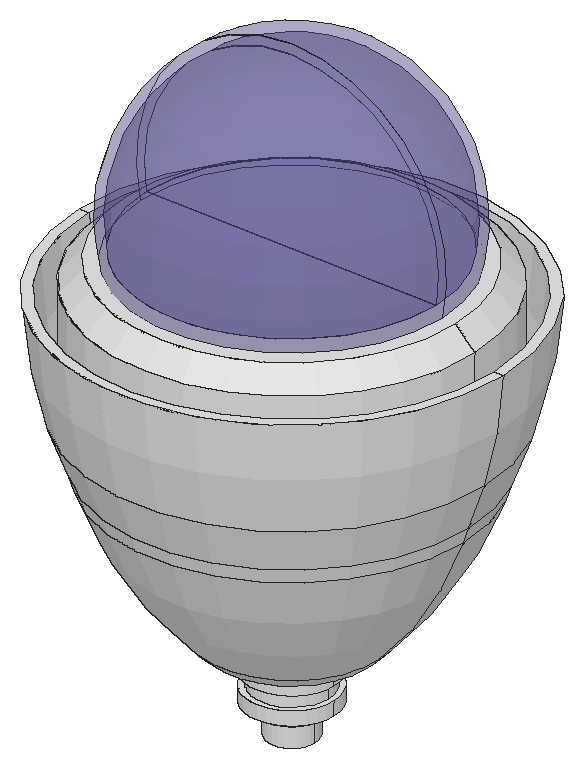
Revit family "SDP-825", category Устройства связи, Revit 2017
Family settings
  Сохранять ориентацию аннотаций = Нет
  Размер круглого соединителя = Использовать диаметр
  Тип детали = Нормальный
  На основе рабочей плоскости = Нет
  Всегда вертикально = Нет
  При загрузке вырезать с полостями = Нет
  Общий = Нет
  Точка расчета площади = Нет
Parameters (values of type "SDP-825 IP-видеокамера")
  Чувствительность ч/б, Люкс = "0,0005 (F1,5)"
  Чувствительность цвет, Люкс = "0,005 (F1,5)"
  Формат сжатия = "H.265, Н.264, MJPEG"
  Фокусное расстояние, мм = "4.7-141 (F1,5-4)"
  Управление = "Веб-интерфейс"
  Угол поворота обзора [instance] = 0.00°
  Угол обзора по горизонтали [instance] = 60.50°
  Угол зрения по горизонтали, град. = "60,5 – 2,3"
  Увеличение цифровое = "4х"
  Увеличение оптическое = "30х"
  Тип объектива = "Встроенный трансфокатор с автофокусировкой"
  Смещение_УГО_Y [instance] = 0 mm
  Смещение_УГО_X [instance] = 0 mm
  Скорость поворота, до, град/сек = 300
  Скорость наклона, до, град/сек = 200
  Система шумоподавления = "3D-DNR"
  Сеть = "10/100 Base-T/TX, RJ45, IEEE 802.3"
  Режим «день/ночь» = "Авто / Ручной"
  Разрешение при скорости 25 к/сек, пикс. = "1920х1080"
  Раздел проекта [instance] = ""
  Раздел Спецификации [instance] = ""
  Поддерживаемые протоколы = "Onvif, GB28181, HTTP, RTSP, RTP, TCP, UDP"
  Напряжение = "24"
  Мощность = "27"
  Матрица = "1/2.8’’ Sony CMOS"
  Компенсация засветки = "BLC, HLC, D-WDR"
  Количество режимов обхода, шт = "4 (до 10 минут)"
  Количество предустановок, шт. = 300
  Диапазон рабочих температур, ºС = "от -40 до +50"
  Диапазон поворота, до, град. = "360 без ограничений"
  Диапазон наклона, до, град. = "5-90 автопереворот изображения"
  Видимость_УГО [instance] = yes
  В_Угол поворота обзора [instance] = if(and(Угол поворота обзора > 4.99°, not(Угол поворота обзора > 90.01°)), Угол поворота обзора, 0.00°)  # 0.00°
  В_Смещение_УГО_Y [instance] = Смещение_УГО_Y + 2000 mm  # 2000 mm
  В_Смещение_УГО_X [instance] = Смещение_УГО_X + 2000 mm  # 2000 mm
  Баланс белого = "Авто / Ручной"
  d_короба = 20 mm
  ADSK_Размер_ДиаметрИзделия = 220 mm
  ADSK_Размер_Высота = 320 mm
  ADSK_Примечание = ""
  ADSK_Наименование = "IP-видеокамера SDP-825"
  ADSK_Масса = 3
  ADSK_Марка = "СТВФ.426459.009-03"
  ADSK_Количество = 1
  ADSK_Завод-изготовитель = "ООО «Основа Безопасности»"  # constant formula
  ADSK_Единица измерения = "шт."  # constant formula
  ADSK_URL страницы изделия = "https://stilsoft.ru/products/sdp-825"
  ADSK_URL документации изделия = ""
Reference planes
  plane 1 "По центру (Вперед/Назад)": y = 0
  plane 2: z = 0
  plane 3 "По центру (Влево/Вправо)": x = 0
  plane 4: y = 2000
  plane 5: x = -2000
  plane 6: x = 0
  plane 7: y = 0
  plane 8: x = 110
  plane 9: x = -110
  plane 10: y = 110
  plane 11: y = -110
  plane 12: z = 320
  plane 13: z = 335
  plane 14: z = 330
Forms (mm)
  Extrusion 1, solid, material "По умолчанию", detail levels medium+fine
    sketch origin (0, 0, 0) x (1, 0, 0) y (0, 1, 0)
      loop
        circle (0, 0) r 12
    from 0 to 12
  Extrusion 2, solid, material "По умолчанию", detail levels medium+fine
    sketch origin (0, 0, 0) x (1, 0, 0) y (0, 1, 0)
      loop
        circle (0, 0) r 15.5
    from 12 to 16
  Extrusion 3, solid, material "По умолчанию", detail levels medium+fine
    sketch origin (0, 0, 0) x (1, 0, 0) y (0, 1, 0)
      loop
        circle (0, 0) r 22
    from 16 to 23
  Extrusion 4, solid, material "По умолчанию", detail levels medium+fine
    sketch origin (0, 0, 0) x (1, 0, 0) y (0, 1, 0)
      loop
        circle (0, 0) r 19
    from 23 to 30
  Extrusion 5, solid, material "По умолчанию", detail levels medium+fine
    sketch origin (0, 0, 0) x (1, 0, 0) y (0, 1, 0)
      loop
        circle (0, 0) r 22
    from 30 to 40
  Revolve 6, solid, material "По умолчанию", detail levels medium+fine
    sketch origin (0, 0, 0) x (1, 0, 0) y (0, 0, 1)
      loop
        line (0, 41.204) -> (23.887, 41.204) -> (23.887, 38.352)
        spline (23.887, 38.352) -> (27.288, 39.093) -> (30.217, 39.891) -> (32.725, 40.742) -> (34.864, 41.64) -> (36.688, 42.582) -> (38.248, 43.563) -> (39.596, 44.578) -> (40.786, 45.622) -> (41.868, 46.691) -> (42.897, 47.78) -> (43.923, 48.885) -> (45, 50)
        arc (45, 50) -> (70.941, 82.523) -> (89, 120) r 185.915
        arc (89, 120) -> (90.263, 123.732) -> (91.446, 127.489) r 185.915
        arc (91.446, 127.489) -> (96.036, 138.626) -> (100, 150) r 216.838
        arc (100, 150) -> (106.743, 177.183) -> (110, 205) r 221.321
        line (110, 205) -> (105, 205)
        arc (105, 205) -> (102.246, 177.131) -> (95.302, 150) r 184.323
        line (95.302, 150) -> (0, 150) -> (0, 41.204)
      axis (0, 38.352) -> (0, 205)
    angle from 0 to 360
  Extrusion 7, solid, material "По умолчанию", detail levels medium+fine
    sketch origin (0, 0, 0) x (1, 0, 0) y (0, 1, 0)
      loop
        circle (0, 0) r 95
    from 150 to 210
  Blend 8, solid, material "По умолчанию", detail levels medium+fine
    base sketch origin (0, 0, 0) x (1, 0, 0) y (0, 1, 0)
      loop
        circle (0, 0) r 95
    top sketch origin (0, 0, 0) x (1, 0, 0) y (0, 1, 0)
      loop
        circle (0, 0) r 85
    from 210 to 220
  Revolve 9, solid, material "Стекло", detail levels medium+fine
    sketch origin (0, 0, 0) x (1, 0, 0) y (0, 0, 1)
      loop
        line (0, 220) -> (78, 220)
        arc (78, 220) -> (63.189, 288.868) -> (0, 320) r 80.875
        line (0, 320) -> (0, 315)
        arc (0, 315) -> (58.472, 287.477) -> (75, 225) r 76.493
        line (75, 225) -> (0, 225) -> (0, 220)
      axis (0, 220) -> (0, 320)
    angle from 0 to 360
Lines and regions (mm)
  reference lines
    curve 1: line (0, 0, 335) -> (137.435, 0, 335)
Dimensions and locks
  locked: plane 4 to plane 1 "По центру (Вперед/Назад)" at 2000
  locked: plane 5 to plane 3 "По центру (Влево/Вправо)" at 2000
  "В_Смещение_УГО_X": plane 5 to plane 6
  "В_Смещение_УГО_Y": plane 4 to plane 7
  locked: plane 13 to plane 14 at 5
  "В_Угол поворота обзора": angle plane 14 to curve 1
  aligned and locked: level to plane 2
  aligned and locked: nested 1 to plane 7
  aligned and locked: plane 6 to nested 1
  aligned and locked: plane 3 "По центру (Влево/Вправо)" to curve 1
  aligned and locked: plane 13 to curve 1
  aligned and locked: curve 1 to nested 2
Automatic sketch dimensions
  plane 1 "По центру (Вперед/Назад)" to Extrusion 1 sketch curve = 0 mm
  Extrusion 1 sketch curve to plane 3 "По центру (Влево/Вправо)" = 0 mm
  plane 1 "По центру (Вперед/Назад)" to Extrusion 2 sketch curve = 0 mm
  Extrusion 2 sketch curve to plane 3 "По центру (Влево/Вправо)" = 0 mm
  plane 1 "По центру (Вперед/Назад)" to Extrusion 3 sketch curve = 0 mm
  Extrusion 3 sketch curve to plane 3 "По центру (Влево/Вправо)" = 0 mm
  plane 1 "По центру (Вперед/Назад)" to Extrusion 4 sketch curve = 0 mm
  Extrusion 4 sketch curve to plane 3 "По центру (Влево/Вправо)" = 0 mm
  plane 1 "По центру (Вперед/Назад)" to Extrusion 5 sketch curve = 0 mm
  Extrusion 5 sketch curve to plane 3 "По центру (Влево/Вправо)" = 0 mm
  Revolve 6 sketch curve to Revolve 6 sketch curve = 0 mm  (x2)
  Revolve 6 sketch curve to plane 3 "По центру (Влево/Вправо)" = 0 mm  (x2)
  Revolve 6 sketch curve to plane 8 = 0 mm
  Revolve 6 sketch curve to plane 9 = 30.724 mm
  Revolve 6 sketch curve to plane 9 = 23.538 mm
  Revolve 6 sketch curve to plane 9 = 3.338 mm
  plane 9 to Revolve 6 sketch curve = 1.007 mm
  plane 3 "По центру (Влево/Вправо)" to Revolve 6 sketch curve = 23.887 mm
  Revolve 6 sketch curve to Revolve 6 sketch curve = 21.113 mm
  Revolve 6 sketch curve to plane 8 = 14.698 mm
  Revolve 6 sketch curve to Revolve 6 sketch curve = 5 mm
  level to Revolve 6 sketch curve = 38.352 mm
  Revolve 6 sketch curve to Revolve 6 sketch curve = 2.851 mm
  Revolve 6 sketch curve to Revolve 6 sketch curve = 8.796 mm
  Revolve 6 sketch curve to Revolve 6 sketch curve = 100 mm
  Revolve 6 sketch curve to Revolve 6 sketch curve = 31.462 mm
  Revolve 6 sketch curve to Revolve 6 sketch curve = 55 mm  (x2)
  Revolve 6 sketch curve to Revolve 6 sketch curve = 6.508 mm
  Revolve 6 sketch curve to Revolve 6 sketch curve = 1.128 mm
  Revolve 6 sketch curve to plane 8 = 21 mm
  Revolve 6 sketch curve to Revolve 6 sketch curve = 2.446 mm
  Revolve 6 sketch curve to Revolve 6 sketch curve = 1.204 mm
  plane 1 "По центру (Вперед/Назад)" to Blend 8 sketch curve = 0 mm  (x2)
  Blend 8 sketch curve to plane 3 "По центру (Влево/Вправо)" = 0 mm  (x2)
  plane 1 "По центру (Вперед/Назад)" to Extrusion 7 sketch curve = 0 mm
  Extrusion 7 sketch curve to plane 3 "По центру (Влево/Вправо)" = 0 mm
  Revolve 9 sketch curve to plane 3 "По центру (Влево/Вправо)" = 0 mm  (x3)
  Revolve 9 sketch curve to plane 12 = 0 mm  (x2)
  Revolve 9 sketch curve to plane 3 "По центру (Влево/Вправо)" = 0.291 mm
  Revolve 9 sketch curve to plane 3 "По центру (Влево/Вправо)" = 0.581 mm
  Revolve 9 sketch curve to plane 8 = 32 mm
  Revolve 9 sketch curve to Revolve 9 sketch curve = 0.62 mm
  Revolve 9 sketch curve to Revolve 9 sketch curve = 5 mm
  Revolve 9 sketch curve to Revolve 9 sketch curve = 3 mm
  Revolve 9 sketch curve to plane 12 = 5 mm
  Revolve 9 sketch curve to Revolve 9 sketch curve = 0 mm
  radius of Extrusion 1 sketch curve = 12 mm
  radius of Extrusion 2 sketch curve = 15.5 mm
  radius of Extrusion 3 sketch curve = 22 mm
  radius of Extrusion 4 sketch curve = 19 mm
  radius of Extrusion 5 sketch curve = 22 mm
  radius of Blend 8 sketch curve = 85 mm
  radius of Extrusion 7 sketch curve = 95 mm
  radius of Blend 8 sketch curve = 95 mm
Nested families
  nested 1: "УГО_поворотная камера" at (0, 0, 0), visible <- "Видимость_УГО", type "УГО_камера", detail levels coarse
  nested 2: "Зона действия обнаружения" at (0, 0, 235) x (0, 1, 0) z (0, 0, 1), Угол по горизонтали <- "Угол обзора по горизонтали", type "Зона действия обнаужения", detail levels medium+fine
    with Угол по горизонтали 60.50°, Угол по вертикали 50.00°, В_Угол по горизонтали 60.50°, L2 4331.945 mm, L1 100 mm, L 4331.945 mm, Hv1 96.394 mm, Hv 4175.729 mm, Hg1 116.637 mm, H 4175.729 mm, D 5052.632 mm
Connectors
  electrical at (0, 0, 0)
    settings: on Extrusion 1, index 1, voltage 0 V, apparent load 0 VA, apparent load phase1 0 VA, apparent load phase2 0 VA, apparent load phase3 0 VA, power factor 1, load classification "Прочее", number of poles 1, system type 14, power factor state 1, is connector primary yes, connector utility no, sub classification motor no, connector description ""
  cabletrayconduit at (0, 0, 0), diameter 20, driven by "d_короба"
    settings: on Extrusion 1, index 2, connector width 300 mm, connector height 300 mm, connector angle 0.00°, system type 32, placement type 0, profile type 0, connector reference index -1, is primary connector yes, connector utility param no, connector description ""
Definition of nested family "УГО_поворотная камера"
  Reference planes
    plane 1: y = 0
    plane 2: x = 0
  Lines and regions (mm)
    detail lines
      curve 1: line (4, -1.181, 0) -> (-3.962, -1.181, 0)
      curve 2: line (4, -16.181, 0) -> (4, -1.181, 0)
      curve 3: line (-3.962, -16.181, 0) -> (4, -16.181, 0)
      curve 4: line (-3.962, -1.181, 0) -> (-3.962, -16.181, 0)
      curve 5: line (0.019, -16.181, 0) -> (4.079, -20.241, 0)
      curve 6: line (4.079, -20.241, 0) -> (-3.962, -20.241, 0)
      curve 7: line (-3.962, -20.241, 0) -> (0.098, -16.181, 0)
      curve 8: line (-5, 0, 0) -> (5, 0, 0)
      curve 9: line (5, 0, 0) -> (5, -16.181, 0)
      curve 10: line (-5, 0, 0) -> (-5, -16.181, 0)
      curve 21: arc (-5, -21.279, 0) -> (0.059, -23.098, 0) -> (5.117, -21.279, 0) r 7.945
      curve 22: line (5.117, -21.279, 0) -> (4.348, -22.378, 0)
      curve 23: line (5.117, -21.279, 0) -> (3.806, -21.631, 0)
      curve 24: line (-5, -21.279, 0) -> (-4.231, -22.378, 0)
      curve 25: line (-5, -21.279, 0) -> (-3.689, -21.631, 0)
      curve 26: circle (0, -8.569, 0) r 1.484 normal (0, 0, 1)
    detail lines, not visible
      curve 11: line (4, -1.181, 0) -> (-3.962, -1.181, 0)
      curve 12: line (4, -16.181, 0) -> (4, -1.181, 0)
      curve 13: line (-3.962, -16.181, 0) -> (4, -16.181, 0)
      curve 14: line (-3.962, -1.181, 0) -> (-3.962, -16.181, 0)
      curve 15: line (0.019, -16.181, 0) -> (4.079, -20.241, 0)
      curve 16: line (4.079, -20.241, 0) -> (-3.962, -20.241, 0)
      curve 17: line (-3.962, -20.241, 0) -> (0.098, -16.181, 0)
      curve 18: line (-5, 0, 0) -> (5, 0, 0)
      curve 19: line (5, 0, 0) -> (5, -16.181, 0)
      curve 20: line (-5, 0, 0) -> (-5, -16.181, 0)
Definition of nested family "Зона действия обнаружения"
  Parameters (values of type "Зона действия обнаужения")
    Угол по горизонтали [instance] = 60.50°
    Угол по вертикали [instance] = ((Угол по горизонтали - Ug_min) * (Uv_max - Uv_min)) / (Ug_max - Ug_min) + Uv_min  # 50.00°
    Default Elevation = 1219.2 mm
    М_ш = 7.2 mm  # constant formula
    В_Угол по горизонтали [instance] = if(and(Угол по горизонтали > 2.29°, not(Угол по горизонтали > 60.51°)), Угол по горизонтали, 1.00°)  # 60.50°
    Uv_min = 2.00°  # constant formula
    Uv_max = 50.00°  # constant formula
    Ug_min = 2.30°  # constant formula
    Ug_max = 60.50°  # constant formula
    Rv = 1080  # constant formula
    R = 1920  # constant formula
    L2 [instance] = D / 2 / tan(Угол по горизонтали / 2)  # 4331.945 mm
    L1 [instance] = 100 mm
    L [instance] = L2  # 4331.945 mm
    K = 380
    Hv1 [instance] = L1 / L2 * Hv  # 96.394 mm
    Hv [instance] = D * Угол по вертикали / Угол по горизонтали  # 4175.729 mm
    Hg1 [instance] = L1 / L2 * D  # 116.637 mm
    H [instance] = Hv  # 4175.729 mm
    F_min = 4.7 mm  # constant formula
    F_max = 141 mm  # constant formula
    F = 12 mm
    D [instance] = R / K * 1000 mm  # 5052.632 mm
  Reference planes
    plane 1 "По центру (Вперед/Назад)": y = 0
    plane 2: z = 0
    plane 3 "По центру (Влево/Вправо)": x = 0
    plane 4 "L1": z = 100
  Forms (mm)
    Blend 1, void, detail levels medium+fine
      base sketch origin (0, 0, 0) x (1, 0, 0) y (0, 1, 0)
        loop
          line (-58.318, 48.197) -> (-58.318, -48.197) -> (58.318, -48.197) -> (58.318, 48.197) -> (-58.318, 48.197)
      top sketch origin (0, 0, 0) x (1, 0, 0) y (0, 1, 0)
        loop
          line (-2526.316, 2087.864) -> (-2526.316, -2087.864) -> (2526.316, -2087.864) -> (2526.316, 2087.864) -> (-2526.316, 2087.864)
      from 100 to 4331.945
  Lines and regions (mm)
    model lines, detail levels medium+fine
      curve 1: line (2526.316, 2087.864, 4331.945) -> (-2526.316, 2087.864, 4331.945)
      curve 2: line (-2526.316, 2087.864, 4331.945) -> (-2526.316, -2087.864, 4331.945)
      curve 3: line (-2526.316, -2087.864, 4331.945) -> (2526.316, -2087.864, 4331.945)
      curve 4: line (2526.316, -2087.864, 4331.945) -> (2526.316, 2087.864, 4331.945)
      curve 5: line (-2526.316, -2087.864, 4331.945) -> (-58.318, -48.197, 100)
      curve 7: line (-58.318, 48.197, 100) -> (-2526.316, 2087.864, 4331.945)
      curve 8: line (2526.316, 2087.864, 4331.945) -> (58.318, 48.197, 100)
      curve 10: line (58.318, -48.197, 100) -> (2526.316, -2087.864, 4331.945)
    model lines
      curve 6: line (-58.318, -48.197, 100) -> (-58.318, 48.197, 100)
      curve 9: line (58.318, 48.197, 100) -> (58.318, -48.197, 100)
  Dimensions and locks
    "L1": plane 4 "L1" to level
    equal spacing: Blend 1 sketch curve, plane 3 "По центру (Влево/Вправо)", Blend 1 sketch curve  (x2)
    equal spacing: Blend 1 sketch curve, plane 1 "По центру (Вперед/Назад)", Blend 1 sketch curve  (x2)
    "H": Blend 1 sketch curve to Blend 1 sketch curve
    "D": Blend 1 sketch curve to Blend 1 sketch curve
    "Hg1": Blend 1 sketch curve to Blend 1 sketch curve
    "Hv1": Blend 1 sketch curve to Blend 1 sketch curve
    "L": Blend 1 to plane 2
    aligned and locked: level to plane 2
    aligned and locked: Blend 1 to curve 1
    aligned and locked: Blend 1 to curve 3
    aligned and locked: Blend 1 to curve 2
    aligned and locked: Blend 1 to curve 4
  Automatic sketch dimensions
    curve 1 to Blend 1 = 0 mm  (x2)
    curve 3 to Blend 1 = 0 mm
    curve 2 to Blend 1 = 0 mm
    Blend 1 to curve 5 = 0 mm
    curve 5 to Blend 1 = 0 mm  (x3)
    curve 7 to Blend 1 = 0 mm  (x3)
    curve 8 to Blend 1 = 0 mm  (x2)
    curve 10 to Blend 1 = 0 mm  (x3)
    curve 9 to Blend 1 = 0 mm
    Blend 1 to curve 8 = 0 mm
